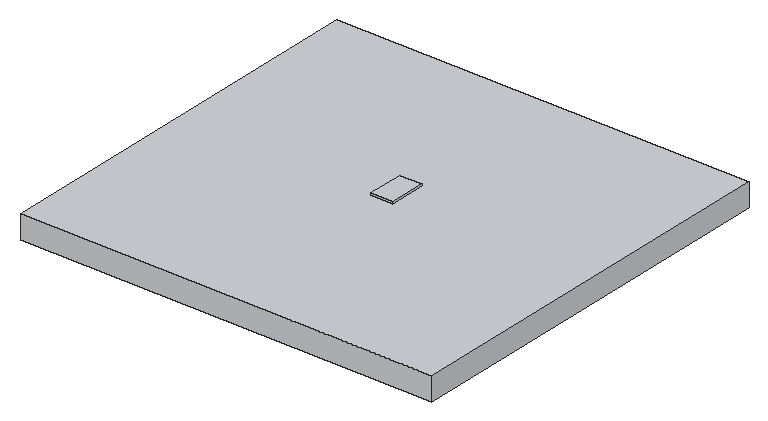
Revit family "M_Duplex Receptacle", category Electrical Fixtures, host Face, Revit 2023
Family settings
  Host = Face
  Round Connector Dimension = Use Diameter
  Part Type = Normal
  OmniClass Number = 23.80.50.11.17
  OmniClass Title = Ground Fault Receptacles
  Cut with Voids When Loaded = No
  Maintain Annotation Orientation = Yes
  Shared = No
  Room Calculation Point = No
Parameters (values of type "GFCI")
  Switch Voltage = 120 V
  Load Classification = Receptacle
  Load = 180 VA
  Label = "GFCI"
  Default Elevation = 1200 mm
  Assembly Code = ""
Types (2, lengths in mm): name | Label | Default Elevation
  GFCI | "GFCI" | 1200
  Standard | "" | 460
Reference planes
  plane 1 "Center (Front/Back)": y = 0
  plane 2: z = 0
  plane 3 "Center (Left/Right)": x = 0
  plane 4: x = -34.925
  plane 5: x = 34.925
  plane 6: x = -19.05
  plane 7: x = 19.05
  plane 8: y = 57.15
  plane 9: y = -57.15
  plane 10: y = 38.1
  plane 11: y = -38.1
  plane 12 "level above": z = 4.762
  plane 13 "level below": z = -53.975
Forms (mm)
  Extrusion 1, solid
    sketch origin (0, 0, 0) x (1, 0, 0) y (0, 1, 0)
      loop
        line (-644.525, 571.5) -> (-644.525, -666.75) -> (644.525, -666.75) -> (644.525, 571.5) -> (-644.525, 571.5)
    from 0 to -72.672
  Extrusion 2, solid
    sketch origin (0, 0, 0) x (1, 0, 0) y (0, 1, 0)
      loop
        line (-34.925, 57.15) -> (-34.925, -57.15) -> (34.925, -57.15) -> (34.925, 57.15) -> (-34.925, 57.15)
    from 0 to 4.762
  Extrusion 3, solid
    sketch origin (0, 0, 0) x (1, 0, 0) y (0, 1, 0)
      loop
        line (-19.05, 38.1) -> (-19.05, -38.1) -> (19.05, -38.1) -> (19.05, 38.1) -> (-19.05, 38.1)
    from 0 to -53.975
Lines and regions (mm)
  symbolic lines, detail levels fine
    curve 1: line (34.925, 0, 4.762) -> (-34.925, 0, 4.762)
    curve 2: line (34.925, 0, 0) -> (34.925, 0, 4.762)
    curve 3: line (-34.925, 0, 0) -> (34.925, 0, 0)
    curve 4: line (-34.925, 0, 4.762) -> (-34.925, 0, 0)
    curve 5: line (19.05, 0, -53.975) -> (-19.05, 0, -53.975)
    curve 6: line (19.05, 0, 0) -> (19.05, 0, -53.975)
    curve 7: line (-19.05, 0, -53.975) -> (-19.05, 0, 0)
Dimensions and locks
  equal spacing: plane 6, plane 3 "Center (Left/Right)", plane 7, locked at 19.05 each
  locked: plane 6 to plane 7 at 38.1
  equal spacing: plane 4, plane 3 "Center (Left/Right)", plane 5, locked at 34.925 each
  locked: plane 4 to plane 5 at 69.85
  locked: plane 8 to plane 9 at 114.3
  locked: plane 12 "level above" to level at 4.763
  locked: level to plane 13 "level below" at 53.975
  locked: plane 10 to plane 11 at 76.2
  equal spacing: plane 10, plane 1 "Center (Front/Back)", plane 11, locked at 38.1 each
  equal spacing: plane 8, plane 1 "Center (Front/Back)", plane 9, locked at 57.15 each
  aligned and locked: plane 2 to Extrusion 1
  aligned and locked: level to Extrusion 1
  aligned and locked: plane 8 to Extrusion 2
  aligned and locked: Extrusion 2 to plane 9
  aligned and locked: plane 5 to Extrusion 2
  aligned and locked: Extrusion 2 to plane 4
  aligned and locked: Extrusion 2 to level
  aligned and locked: plane 12 "level above" to Extrusion 2
  aligned and locked: plane 10 to Extrusion 3
  aligned and locked: Extrusion 3 to plane 6
  aligned and locked: plane 7 to Extrusion 3
  aligned and locked: Extrusion 3 to plane 11
  aligned and locked: Extrusion 3 to level
  aligned and locked: Extrusion 3 to plane 13 "level below"
  aligned and locked: plane 1 "Center (Front/Back)" to nested 1
  aligned and locked: plane 3 "Center (Left/Right)" to nested 1
  aligned and locked: plane 2 to curve 3
  aligned and locked: curve 1 to plane 12 "level above"
  aligned and locked: curve 4 to plane 4
  aligned and locked: plane 5 to curve 2
  aligned and locked: curve 7 to plane 6
  aligned and locked: plane 7 to curve 6
  aligned and locked: plane 13 "level below" to curve 5
Automatic sketch dimensions
  Extrusion 2 sketch curve to plane 4 = 0 mm
  Extrusion 2 sketch curve to plane 5 = 0 mm
  Extrusion 2 sketch curve to plane 9 = 0 mm
  Extrusion 2 sketch curve to plane 8 = 0 mm
  Extrusion 3 sketch curve to plane 6 = 0 mm
  Extrusion 3 sketch curve to plane 7 = 0 mm
  Extrusion 3 sketch curve to plane 11 = 0 mm
  Extrusion 3 sketch curve to plane 10 = 0 mm
  Extrusion 1 sketch curve to Extrusion 1 sketch curve = 1289.05 mm
  Extrusion 1 sketch curve to Extrusion 1 sketch curve = 1238.25 mm
Nested families
  nested 1: "M_Duplex Annotation" at (0, 0, 0), Label <- "Label", type "M_Duplex Annotation", detail levels coarse+medium
    with Label "GFCI"
Connectors
  electrical at (0, 38.1, -26.988), driven by "Switch Voltage", driven by "Load", driven by "Load Classification"
    settings: on Extrusion 3, index 1, voltage 120 V, apparent load 0 VA, apparent load phase1 180 VA, apparent load phase2 0 VA, apparent load phase3 0 VA, power factor 1, load classification "Receptacle", number of poles 1, system type 31, power factor state 1, is connector primary yes, connector utility no, sub classification motor no, connector description ""
Definition of nested family "M_Duplex Annotation"
  Parameters
    Label [instance] = ""
  Reference planes
    plane 1: y = 0
    plane 2: x = 0
  Lines and regions (mm)
    detail lines
      curve 1: line (-0.446, 0, 0) -> (-0.446, 4.366, 0)
      curve 2: circle (0, 3.05, 0) r 1.389 normal (0, 0, 1)
      curve 3: line (0.446, 0, 0) -> (0.446, 4.366, 0)
  Text (mm)
    label "A" at (0.799, 0.386, 0), shows "Label"
  Dimensions and locks
    equal spacing: curve 1, plane 2, curve 3
    locked: plane 2 to curve 3 at 0.446
    curve 1 to curve 3 = 0.893 mm
    aligned and locked: plane 2 to curve 2
